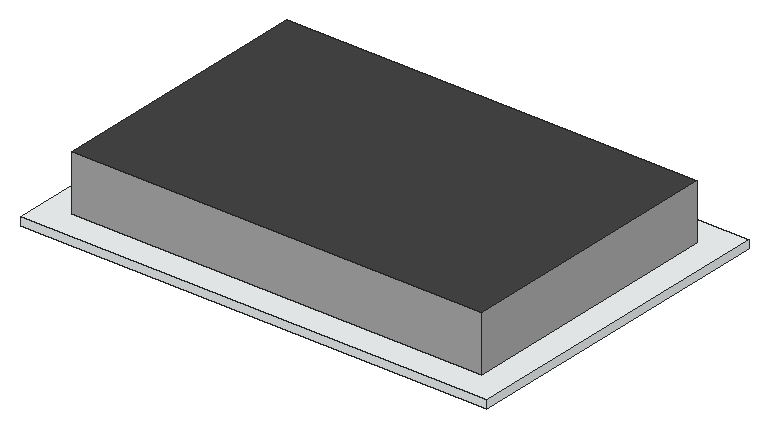
Revit family "1HVAC_Ductwork_Airzone_Return-Linear-Slat-Grille_RLQV", category Air Terminals, Revit 2016
Family settings
  Part Type = Normal
  Round Connector Dimension = Use Diameter
  OmniClass Number = 23.75.70.21.27.11
  OmniClass Title = Diffusers, Registers, and Grilles
  Work Plane-Based = No
  Always vertical = Yes
  Cut with Voids When Loaded = No
  Shared = No
  Room Calculation Point = Yes
Parameters (values of type "INVALID TYPE - Use Load Family and Type Catalog instead")
  c8 = -0.5949  # constant formula
  c7 = 0.04784  # constant formula
  c6 = 8.344  # constant formula
  c5 = 42.72  # constant formula
  c4 = -58  # constant formula
  c3 = -75.88  # constant formula
  c2 = -1.797  # constant formula
  c1 = 0.000333  # constant formula
  Velocity [instance] = (Q / (36 * Ak)) * 1.0 m/s  # 1.4881 m/s
  URL = "www.airzone.es"
  Type Image Comments = "Image available in product documentation download"  # constant formula
  Type Comments = ""
  Throw Distance [instance] = round((c7 * (Ak ^ c8) * Q) * 1000) * 1 mm  # 3889 mm
  Sound Level in dBA [instance] = round((c3 + (c4 * log(Ak))) + ((c5 + (c6 * log(Ak))) * log(Q)))  # -1
  Revit Model Version = "1.0"  # constant formula
  Q [instance] = if(Duct Width > 1000 mm, (1000 mm / Duct Width) * Flow / 1 m³/h, Flow / 1 m³/h)  # 150
  Product Documentation Download URL = "http://doc.airzone.es/BIM/AirQ/Airzone_RLQ1_RLQ2_RLQV.zip"
  Product Comments = "Refer to technical documentation for further details"  # constant formula
  Product Code = "INVALID – Type not loaded via type catalog"
  Pressure Drop [instance] = ((c1 * (Ak ^ c2)) * (Q ^ 2)) * 1.0 Pa  # 1.17783 Pa
  Model = Product Code  # "INVALID – Type not loaded via type catalog"
  Min Flow = 150 m³/h
  Max Flow = 1500 m³/h
  Manufacturer = "AIRZONE"  # constant formula
  Main Material = Metal - AIRZONE - Extruded Aluminium - White (RAL 9010)
  Long Description = "Extruded aluminum supply grilles to enable the air flow supply. 26-mm standard frame. Horizontal slats fixed at 15º, positioned to a single direction with a second vertical moving deflection."  # constant formula
  Grille Right Offset = if(Open Right End, 0 mm, 10 mm)  # 10 mm
  Grille Material = Metal - AIRZONE - Grille 12.5 mm - White (RAL 9010)
  Grille Left Offset = if(Open Left End, 0 mm, 10 mm)  # 10 mm
  Flow Direction Symbol [instance] = yes
  Flow [instance] = 150 m³/h
  Fixing = "Clip (K), mounting frame required. Screw (T), mounting frame required."  # constant formula
  Finish = "White (RAL 9010)"
  Effective Area = Akn * 100.00 cm²  # 280.00 cm²
  Duct Width = 300 mm
  Duct Height = 200 mm
  Disclaimer = "All information provided in this model is reviewed before being published. However, Airzone cannot guarantee this model is error-free, therefore users are strongly encouraged to check for technical documentation and updates"  # constant formula
  Description = "Grille of linear slats fixed at 15º"  # constant formula
  Damper Length = 39.5 mm
  Compatible Accesories = "Mounting frame. Manual flow regulation. Plenum for grille (PREJ, FR-X2F). Grille deflector"  # constant formula
  Right Cap Offset = if(Open Right End, 0 mm, 16 mm)  # 16 mm
  Open Right End = no
  Left Cap Offset = if(Open Left End, 0 mm, 16 mm)  # 16 mm
  Open Left End = no
  Akn = 2.8
  Ak1000 = 10
  Ak = if(Duct Width > 1000 mm, Ak1000, Akn)  # 2.8
  Accessories Material = Metal - AIRZONE - Extruded Aluminium - Anodized (Matt Silver Color)
Reference planes
  plane 1 "Center (Front/Back)": y = 0
  plane 2: z = 0
  plane 3 "Center (Left/Right)": x = 0
  plane 4 "Left": x = -150
  plane 5 "Right": x = 150
  plane 6 "Front": y = -100
  plane 7 "Back": y = 100
  plane 8 "Right Offset": x = 166
  plane 9 "Left Offset": x = -166
  plane 10 "Fornt Offset": y = -116
  plane 11 "Back Offset": y = 116
Forms (mm)
  Extrusion 1, solid, material "Metal - AIRZONE - Extruded Aluminium - White (RAL 9010)" <- "Main Material", detail levels fine
    sketch origin (0, 0, 0) x (1, 0, 0) y (0, 1, 0)
      loop
        line (-166, 116) -> (-166, -116) -> (166, -116) -> (166, 116) -> (-166, 116)
    from 0 to -5.5
  Extrusion 2, solid, material "Metal - AIRZONE - Extruded Aluminium - Anodized (Matt Silver Color)" <- "Accessories Material"
    sketch origin (0, 0, 0) x (1, 0, 0) y (0, 1, 0)
      loop
        line (-145.7, 95.7) -> (-145.7, -95.7) -> (145.7, -95.7) -> (145.7, 95.7) -> (-145.7, 95.7)
    from 0 to 39.5 <- "Damper Length"
  Extrusion 3, solid, material "Metal - AIRZONE - Extruded Aluminium - White (RAL 9010)" <- "Main Material", detail levels coarse+medium
    sketch origin (0, 0, 0) x (1, 0, 0) y (0, 1, 0)
      loop
        line (-166, 116) -> (-166, -116) -> (166, -116) -> (166, 116) -> (-166, 116)
    from 0 to -5.5
  Extrusion 4, void
    sketch origin (0, 0, 0) x (1, 0, 0) y (0, 1, 0)
      loop
        line (166, 125) -> (166, -125) -> (175, -125) -> (175, 125) -> (166, 125)
    from -6 to 3
  Extrusion 5, void
    sketch origin (0, 0, 0) x (1, 0, 0) y (0, 1, 0)
      loop
        line (-175, 125) -> (-175, -125) -> (-166, -125) -> (-166, 125) -> (-175, 125)
    from -6 to 3
Cuts and joins
  Extrusion 4, Extrusion 5 cuts Extrusion 3
  Extrusion 4, Extrusion 5 cuts Extrusion 1
Lines and regions (mm)
  Split face 1
    outline origin (0, 0, -5.5) x (1, 0, 0) y (0, 1, 0)
      loop
        line (-140, -90) -> (140, -90) -> (140, 90) -> (-140, 90) -> (-140, -90)
  model lines, detail levels medium
    curve 1: line (-140, 90, -5.5) -> (140, 90, -5.5)
    curve 2: line (-140, -90, -5.5) -> (-140, 90, -5.5)
    curve 3: line (140, -90, -5.5) -> (-140, -90, -5.5)
    curve 4: line (140, 90, -5.5) -> (140, -90, -5.5)
  symbolic lines
    curve 5: line (-150, 100, 0) -> (150, 100, 0)
    curve 6: line (-150, -100, 0) -> (-150, 100, 0)
    curve 7: line (150, -100, 0) -> (-150, -100, 0)
    curve 8: line (150, 100, 0) -> (150, -100, 0)
    curve 9: line (-150, -100, 0) -> (150, 100, 0)
    curve 10: line (150, -100, 0) -> (-150, 100, 0)
  model lines, not visible, detail levels coarse
    curve 11: line (-166, 116, -5.5) -> (166, 116, -5.5)
    curve 12: line (-166, -116, -5.5) -> (-166, 116, -5.5)
    curve 13: line (166, -116, -5.5) -> (-166, -116, -5.5)
    curve 14: line (166, 116, -5.5) -> (166, -116, -5.5)
  model lines, detail levels coarse
    curve 15: line (-166, -116, -5.5) -> (166, 116, -5.5)
    curve 16: line (166, -116, -5.5) -> (-166, 116, -5.5)
  symbolic lines, style "Flow Direction Symbol", visible <- "Flow Direction Symbol"
    curve 17: line (0, 90, 0) -> (0, -90, 0)
    curve 18: line (0, -90, 0) -> (-28.284, -61.716, 0)
    curve 19: line (0, -90, 0) -> (28.284, -61.716, 0)
  symbolic lines, style "Flow Direction Symbol", visible <- "Flow Direction Symbol", not visible
    curve 20: line (0, 90, 0) -> (0, -90, 0)
    curve 21: line (0, -90, 0) -> (-28.284, -61.716, 0)
    curve 22: line (0, -90, 0) -> (28.284, -61.716, 0)
Dimensions and locks
  equal spacing: plane 4 "Left", plane 3 "Center (Left/Right)", plane 5 "Right"
  equal spacing: plane 7 "Back", plane 1 "Center (Front/Back)", plane 6 "Front"
  "Duct Width": plane 4 "Left" to plane 5 "Right"
  "Duct Height": plane 7 "Back" to plane 6 "Front"
  locked: Extrusion 1 sketch curve to plane 4 "Left" at 16
  locked: plane 5 "Right" to Extrusion 1 sketch curve at 16
  locked: Extrusion 1 sketch curve to plane 7 "Back" at 16
  locked: plane 6 "Front" to Extrusion 1 sketch curve at 16
  "Grille Left Offset": plane 4 "Left" to Split face 1 sketch curve
  "Grille Right Offset": Split face 1 sketch curve to plane 5 "Right"
  locked: plane 7 "Back" to Split face 1 sketch curve at 10
  locked: Split face 1 sketch curve to plane 6 "Front" at 10
  locked: plane 4 "Left" to Extrusion 2 sketch curve at 4.3
  locked: Extrusion 2 sketch curve to plane 5 "Right" at 4.3
  locked: plane 7 "Back" to Extrusion 2 sketch curve at 4.3
  locked: Extrusion 2 sketch curve to plane 6 "Front" at 4.3
  locked: Extrusion 3 sketch curve to plane 4 "Left" at 16
  locked: plane 5 "Right" to Extrusion 3 sketch curve at 16
  locked: Extrusion 3 sketch curve to plane 7 "Back" at 16
  locked: plane 6 "Front" to Extrusion 3 sketch curve at 16
  "Grille Right Offset": curve 4 to plane 5 "Right"
  "Grille Left Offset": plane 4 "Left" to curve 2
  locked: plane 7 "Back" to curve 1 at 10
  locked: curve 3 to plane 6 "Front" at 10
  "Right Cap Offset": plane 5 "Right" to Extrusion 4 sketch curve
  locked: plane 5 "Right" to Extrusion 4 sketch curve at 25
  locked: Extrusion 4 sketch curve to plane 7 "Back" at 25
  locked: plane 6 "Front" to Extrusion 4 sketch curve at 25
  "Left Cap Offset": Extrusion 5 sketch curve to plane 4 "Left"
  locked: Extrusion 5 sketch curve to plane 4 "Left" at 25
  locked: Extrusion 5 sketch curve to plane 7 "Back" at 25
  locked: plane 6 "Front" to Extrusion 5 sketch curve at 25
  curve 4 to plane 5 "Right" = 10 mm
  plane 4 "Left" to curve 2 = 10 mm
  "Right Cap Offset": plane 5 "Right" to plane 8 "Right Offset"
  "Left Cap Offset": plane 9 "Left Offset" to plane 4 "Left"
  locked: plane 11 "Back Offset" to plane 7 "Back" at 16
  locked: plane 6 "Front" to plane 10 "Fornt Offset" at 16
  aligned and locked: level to plane 2
  aligned and locked: plane 4 "Left" to curve 6
  aligned and locked: curve 5 to plane 7 "Back"
  aligned and locked: curve 8 to plane 5 "Right"
  aligned and locked: plane 6 "Front" to curve 7
  aligned and locked: plane 10 "Fornt Offset" to curve 13
  aligned and locked: plane 11 "Back Offset" to curve 11
  aligned and locked: curve 14 to plane 8 "Right Offset"
  aligned and locked: plane 9 "Left Offset" to curve 12
  aligned and locked: curve 17 to plane 3 "Center (Left/Right)"
Automatic sketch dimensions
  curve 18 to curve 17 = 28.284 mm
  curve 17 to curve 19 = 28.284 mm
  curve 17 to curve 18 = 28.284 mm
  curve 18 to curve 17 = 151.716 mm
  curve 21 to curve 20 = 28.284 mm
  curve 20 to curve 22 = 28.284 mm
  curve 20 to curve 21 = 28.284 mm
  curve 21 to curve 20 = 151.716 mm
Connectors
  hvac at (0, 0, 39.5), driven by "Pressure Drop", driven by "Flow", driven by "Duct Height", driven by "Duct Width"
    settings: on Extrusion 2, index 1, duct flow 150 m³/h, flow factor 0, pres drop 1.17783 Pa, loss coef 0, conn angle 0.00°, conn width 300 mm, conn height 200 mm, conn diameter 609.6 mm, duct sys type 2, conn prof type 1, flow config 1, flow direction 2, loss method 4, conn ref index -1, conn util no, is conn primary yes, conn desc "Return Air"
